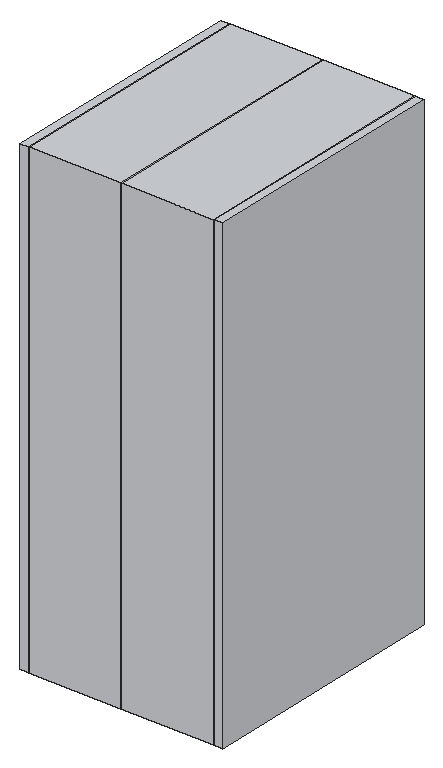
Revit family "WENGER 6-SHELF MUSIC LIBRARY SYSTEM", category Generic Models, Revit 2012
Parameters (values of type "2-UNIT")
  URL = "http://www.wengercorp.com/Home/Contact.html"
  UNIT SPACING = 1' - 4"
  Model = "6-SHELF"
  Manufacturer = "WENGER CORPORATION"
  Keynote = "WENGER MUSIC LIBRARY SYSTEM"
  HEIGHT = 6' - 9 1/2"
  ECP WIDTH = 0' - 1 1/2"
  ECP SPACING = # OF UNITS * 1' 4"  # 2' - 8"
  Description = "MUSIC LIBRARY SYSTEM"
  # OF UNITS = 2
Types (25): name | URL | Model | Manufacturer | Keynote | ECP SPACING | Description | # OF UNITS
  (no name) | "http://www.wengercorp.com/Home/Contact.html" | "6-SHELF" | "WENGER CORPORATION" | "WENGER MUSIC LIBRARY SYSTEM" | 2' - 8" | "MUSIC LIBRARY SYSTEM" | 2
  2-UNIT | "http://www.wengercorp.com/Home/Contact.html" | "6-SHELF" | "WENGER CORPORATION" | "WENGER MUSIC LIBRARY SYSTEM" | 2' - 8" | "MUSIC LIBRARY SYSTEM" | 2
  3-UNIT | 0' - 0" | 0' - 0" | 0' - 0" | 0' - 0" | 4' - 0" | 0' - 0" | 3
  4-UNIT | 0' - 0" | 0' - 0" | 0' - 0" | 0' - 0" | 5' - 4" | 0' - 0" | 4
  5-UNIT | 0' - 0" | 0' - 0" | 0' - 0" | 0' - 0" | 6' - 8" | 0' - 0" | 5
  6-UNIT | 0' - 0" | 0' - 0" | 0' - 0" | 0' - 0" | 8' - 0" | 0' - 0" | 6
  7-UNIT | 0' - 0" | 0' - 0" | 0' - 0" | 0' - 0" | 9' - 4" | 0' - 0" | 7
  8-UNIT | 0' - 0" | 0' - 0" | 0' - 0" | 0' - 0" | 10' - 8" | 0' - 0" | 8
  9-UNIT | 0' - 0" | 0' - 0" | 0' - 0" | 0' - 0" | 12' - 0" | 0' - 0" | 9
  10-UNIT | 0' - 0" | 0' - 0" | 0' - 0" | 0' - 0" | 13' - 4" | 0' - 0" | 10
  11-UNIT | 0' - 0" | 0' - 0" | 0' - 0" | 0' - 0" | 14' - 8" | 0' - 0" | 11
  12-UNIT | 0' - 0" | 0' - 0" | 0' - 0" | 0' - 0" | 16' - 0" | 0' - 0" | 12
  13-UNIT | 0' - 0" | 0' - 0" | 0' - 0" | 0' - 0" | 17' - 4" | 0' - 0" | 13
  14-UNIT | 0' - 0" | 0' - 0" | 0' - 0" | 0' - 0" | 18' - 8" | 0' - 0" | 14
  15-UNIT | 0' - 0" | 0' - 0" | 0' - 0" | 0' - 0" | 20' - 0" | 0' - 0" | 15
  16-UNIT | 0' - 0" | 0' - 0" | 0' - 0" | 0' - 0" | 21' - 4" | 0' - 0" | 16
  17-UNIT | 0' - 0" | 0' - 0" | 0' - 0" | 0' - 0" | 22' - 8" | 0' - 0" | 17
  18-UNIT | 0' - 0" | 0' - 0" | 0' - 0" | 0' - 0" | 24' - 0" | 0' - 0" | 18
  19-UNIT | 0' - 0" | 0' - 0" | 0' - 0" | 0' - 0" | 25' - 4" | 0' - 0" | 19
  20-UNIT | 0' - 0" | 0' - 0" | 0' - 0" | 0' - 0" | 26' - 8" | 0' - 0" | 20
  21-UNIT | 0' - 0" | 0' - 0" | 0' - 0" | 0' - 0" | 28' - 0" | 0' - 0" | 21
  22-UNIT | 0' - 0" | 0' - 0" | 0' - 0" | 0' - 0" | 29' - 4" | 0' - 0" | 22
  23-UNIT | 0' - 0" | 0' - 0" | 0' - 0" | 0' - 0" | 30' - 8" | 0' - 0" | 23
  24-UNIT | 0' - 0" | 0' - 0" | 0' - 0" | 0' - 0" | 32' - 0" | 0' - 0" | 24
  25-UNIT | 0' - 0" | 0' - 0" | 0' - 0" | 0' - 0" | 33' - 4" | 0' - 0" | 25
Reference planes (in)
  plane 1 "Center (Front/Back)": y = 0
  plane 2: z = 0
  plane 3 "Center (Left/Right)": x = 0
  plane 4 "BACK": y = 21.75
  plane 5 "FRONT": y = -21.75
  plane 6 "LEFT ECP INSIDE": x = -16
  plane 7 "LEFT ECP OUTSIDE": x = -17.5
  plane 8 "RIGHT ECP INSIDE": x = 16
  plane 9 "RIGHT ECP OUTSIDE": x = 17.5
  plane 10: z = 81.5
Forms (in)
  Extrusion 1, solid
    sketch origin (0, 0, 0) x (1, 0, 0) y (0, 1, 0)
      loop
        line (-17.5, 21.75) -> (-17.5, -21.75) -> (-16, -21.75) -> (-16, 21.75) -> (-17.5, 21.75)
      loop
        line (16, 21.75) -> (16, -21.75) -> (17.5, -21.75) -> (17.5, 21.75) -> (16, 21.75)
    from 0 to 81.5
Dimensions and locks (in)
  "ECP WIDTH": plane 7 "LEFT ECP OUTSIDE" to plane 6 "LEFT ECP INSIDE"
  "ECP WIDTH": plane 8 "RIGHT ECP INSIDE" to plane 9 "RIGHT ECP OUTSIDE"
  equal spacing: plane 6 "LEFT ECP INSIDE", plane 3 "Center (Left/Right)", plane 8 "RIGHT ECP INSIDE"
  "ECP SPACING": plane 6 "LEFT ECP INSIDE" to plane 8 "RIGHT ECP INSIDE"
  equal spacing: plane 4 "BACK", plane 1 "Center (Front/Back)", plane 5 "FRONT", locked at 21.75 each
  locked: plane 4 "BACK" to plane 5 "FRONT" at 43.5
  "HEIGHT": plane 10 to plane 2
  group 1 to group 2 = 1' - 4"
  group 1 to group 2 = 0' - 0"  (x2)
  "UNIT SPACING": nested 1 to nested 2
  aligned and locked: plane 2 to level
  aligned and locked: Extrusion 1 sketch curve to plane 4 "BACK"  (x2)
  aligned and locked: plane 7 "LEFT ECP OUTSIDE" to Extrusion 1 sketch curve
  aligned and locked: plane 5 "FRONT" to Extrusion 1 sketch curve  (x2)
  aligned and locked: Extrusion 1 sketch curve to plane 6 "LEFT ECP INSIDE"
  aligned and locked: plane 8 "RIGHT ECP INSIDE" to Extrusion 1 sketch curve
  aligned and locked: Extrusion 1 sketch curve to plane 9 "RIGHT ECP OUTSIDE"
  aligned and locked: Extrusion 1 to plane 2
  aligned and locked: plane 4 "BACK" to nested 1
  aligned and locked: plane 5 "FRONT" to nested 1
  aligned and locked: plane 6 "LEFT ECP INSIDE" to nested 1
  aligned and locked: plane 10 to Extrusion 1
Nested families (in)
  nested 1: "6-SHELF, 1-UNIT" at (-8, 0, 0), type "6-SHELF, 1-UNIT"
  nested 2: "6-SHELF, 1-UNIT" at (8, 0, 0), type "6-SHELF, 1-UNIT"
Definition of nested family "6-SHELF, 1-UNIT"
  Parameters (values of type "6-SHELF, 1-UNIT")
    HEIGHT = 6' - 9 1/2"
    Cabinet Label = Labels : 7-SHELF
  Reference planes (in)
    plane 1 "Center (Front/Back)": y = 0
    plane 2 "BOTTOM": z = 0
    plane 3 "Center (Left/Right)": x = 0
    plane 4 "RIGHT": x = 8
    plane 5 "LEFT": x = -8
    plane 6 "BACK": y = 21.75
    plane 7 "FRONT": y = -21.75
    plane 8 "OPEN POSITION": y = -58.24743
    plane 9 "TOP": z = 81.5
    plane 10: x = -3.5
    plane 11: x = 3.5
    plane 12 "FRONT DETAIL 1": z = 54
    plane 13 "FRONT DETAIL 2": z = 52.5
    plane 14 "FRONT DETAIL 3": z = 46
    plane 15: x = -1.5
    plane 16: x = 1.5
  Forms (in)
    Extrusion 1, solid
      sketch origin (0, 0, 0) x (1, 0, 0) y (0, 1, 0)
        loop
          line (-8, 21.75) -> (-8, -21.75) -> (8, -21.75) -> (8, 21.75) -> (-8, 21.75)
      from 0 to 81.5
  Lines and regions (in)
    model lines, style "GenericModelHiddenLines"
      curve 1: line (-8, -21.75, 0) -> (-8, -58.24743, 0)
      curve 2: line (-8, -58.24743, 0) -> (8, -58.24743, 0)
      curve 3: line (8, -58.24743, 0) -> (8, -21.75, 0)
    model lines, style "GenericModel"
      curve 4: line (-1.5, -21.75, 54) -> (1.5, -21.75, 54)
      curve 5: line (1.5, -21.75, 54) -> (1.5, -21.75, 52.5)
      curve 6: line (1.5, -21.75, 52.5) -> (-1.5, -21.75, 52.5)
      curve 7: line (-1.5, -21.75, 52.5) -> (-1.5, -21.75, 54)
      curve 8: line (-3.5, -21.75, 46) -> (3.5, -21.75, 46)
  Dimensions and locks (in)
    equal spacing: plane 5 "LEFT", plane 3 "Center (Left/Right)", plane 4 "RIGHT"
    locked: plane 5 "LEFT" to plane 4 "RIGHT" at 16
    equal spacing: plane 6 "BACK", plane 1 "Center (Front/Back)", plane 7 "FRONT"
    plane 6 "BACK" to plane 7 "FRONT" to plane 8 "OPEN POSITION" = 3' - 7 1/2" locked, 3' - 0.49743" locked
    "HEIGHT": plane 2 "BOTTOM" to plane 9 "TOP"
    plane 12 "FRONT DETAIL 1" to plane 13 "FRONT DETAIL 2" to plane 14 "FRONT DETAIL 3" to plane 2 "BOTTOM" = 0' - 1 1/2" locked, 0' - 6 1/2" locked, 3' - 10" locked
    plane 11 to plane 16 to plane 15 to plane 10 to plane 5 "LEFT" = 0' - 2" locked, 0' - 3" locked, 0' - 2" locked, 0' - 4 1/2" locked
    aligned and locked: plane 2 "BOTTOM" to level
    aligned and locked: Extrusion 1 sketch curve to plane 6 "BACK"
    aligned and locked: plane 5 "LEFT" to Extrusion 1 sketch curve
    aligned and locked: plane 7 "FRONT" to Extrusion 1 sketch curve
    aligned and locked: Extrusion 1 sketch curve to plane 4 "RIGHT"
    aligned and locked: Extrusion 1 to plane 2 "BOTTOM"
    aligned and locked: Extrusion 1 to plane 9 "TOP"
    aligned and locked: curve 1 to plane 5 "LEFT"
    aligned and locked: curve 2 to plane 8 "OPEN POSITION"
    aligned and locked: plane 4 "RIGHT" to curve 3
    aligned and locked: curve 8 to plane 14 "FRONT DETAIL 3"
    aligned and locked: plane 11 to curve 8
    aligned and locked: plane 10 to curve 8
    aligned and locked: plane 15 to curve 7
    aligned and locked: curve 5 to plane 16
    aligned and locked: curve 4 to plane 12 "FRONT DETAIL 1"
    aligned and locked: plane 13 "FRONT DETAIL 2" to curve 6
  Automatic sketch dimensions
    curve 3 to plane 7 "FRONT" = 0' - 0"
    curve 1 to plane 7 "FRONT" = 0' - 0"
  Nested families (in)
    nested 1: "Labels" at (0, 0, 0) x (0, 1, 0) z (0, 0, 1), type <- "Cabinet Label", type "7-SHELF"
  Definition of nested family "Labels"
    Parameters (values of type "6-SHELF")
      Cabinet Label = "6-SHELF"
    Types (2): name | Cabinet Label
      6-SHELF | "6-SHELF"
      7-SHELF | "7-SHELF"
    Reference planes (in)
      plane 1: y = 0
      plane 2: x = 0
    Text (in)
      label "xxxx" at (-0.00018, 0.00754, 0), shows "Cabinet Label"
